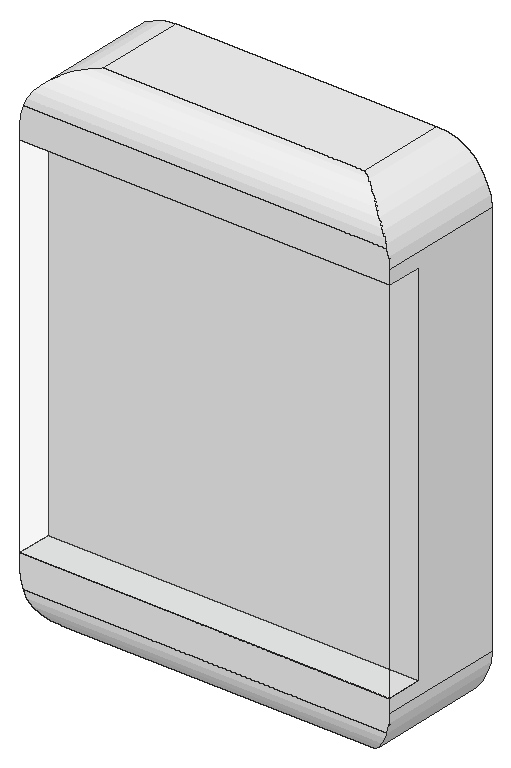
Revit family "НЕВАТОМ_Щит приточно-вытяжной вентиляции  ABU-PW-1-Z, Версия 1", category Электрооборудование, Revit 2017
Family settings
  Конфигурация панели = Два столбца, слева направо
  Размер круглого соединителя = Использовать диаметр
  Тип детали = Щит
  На основе рабочей плоскости = Нет
  Всегда вертикально = Да
  При загрузке вырезать с полостями = Нет
  Общий = Нет
  Точка расчета площади = Нет
Parameters (values of type "ABU-РW-1-ZM-0,75/0,75")
  Voltage = ""
  НЕВАТОМ_Преобразователь частоты Danfoss, кВт = "ND-051 0,75 кВт для 3 фазы"
  НЕВАТОМ_Ориентировочная мощность двигателя = 0.75 kW
  НЕВАТОМ_Номинальный ток двигателя = 2.5 A
  built-in parameter 1140083 [instance] = "Пластик"  # constant formula
  ADSK_Размер_Ширина = 140 mm
  ADSK_Размер_Длина = 410 mm
  ADSK_Размер_Высота = 560 mm
  ADSK_Примечание = ""
  ADSK_Позиция = ""
  ADSK_Напряжение = 380 V
  ADSK_Наименование = "ABU-РW-1-ZM-0,75/0,75"
  ADSK_Марка = ADSK_Наименование  # "ABU-РW-1-ZM-0,75/0,75"
  ADSK_Количество = 1  # constant formula
  ADSK_Код изделия = ""
  ADSK_Завод-изготовитель = "НЕВАТОМ"  # constant formula
  ADSK_Единица измерения = "шт."  # constant formula
  ADSK_URL документации изделия = ""
Types (11, lengths in mm): name | НЕВАТОМ_Преобразователь частоты Danfoss, кВт | НЕВАТОМ_Ориентировочная мощность двигателя | НЕВАТОМ_Номинальный ток двигателя | ADSK_Размер_Ширина | ADSK_Размер_Длина | ADSK_Размер_Высота | ADSK_Наименование | ADSK_Марка
  (no name) | "ND-051 0,75 кВт для 3 фазы" | 0.75 kW | 2.5 A | 140 | 410 | 560 | "ABU-РW-1-ZM-0,75/0,75" | "ABU-РW-1-ZM-0,75/0,75"
  ABU-РW-1-ZM-0,35/0,35 | "ND-051 0,37 кВт для 3 фазы" | 0.37 kW | 1.6 A | 140 | 410 | 560 | "ABU-РW-1-ZM-0,35/0,35" | "ABU-РW-1-ZM-0,35/0,35"
  ABU-РW-1-ZM-0,75/0,75 | "ND-051 0,75 кВт для 3 фазы" | 0.75 kW | 2.5 A | 140 | 410 | 560 | "ABU-РW-1-ZM-0,75/0,75" | "ABU-РW-1-ZM-0,75/0,75"
  ABU-РW-1-ZM-1,5/1,5 | "ND-051 1,5 кВт для 3 фазы" | 1.5 kW | 4 A | 140 | 410 | 560 | "ABU-РW-1-ZM-1,5/1,5" | "ABU-РW-1-ZM-1,5/1,5"
  ABU-РW-1-ZM-2,2/2,2 | "ND-051 2,2 кВт для 3 фазы" | 2.2 kW | 6 A | 140 | 410 | 560 | "ABU-РW-1-ZM-2,2/2,2" | "ABU-РW-1-ZM-2,2/2,2"
  ABU-РW-1-ZM-3,0/3,0 | "ND-051 3,0 кВт для 3 фазы" | 3 kW | 10 A | 140 | 410 | 560 | "ABU-РW-1-ZM-3,0/3,0" | "ABU-РW-1-ZM-3,0/3,0"
  ABU-РW-1-ZM-4,0/4,0 | "ND-051 4,0 кВт для 3 фазы" | 4 kW | 10 A | 140 | 410 | 560 | "ABU-РW-1-ZM-4,0/4,0" | "ABU-РW-1-ZM-4,0/4,0"
  ABU-РW-1-ZM-5,5/5,5 | "ND-051 5,5 кВт для 3 фазы" | 0 kW | 0 A | 140 | 410 | 560 | "ABU-РW-1-ZM-5,5/5,5" | "ABU-РW-1-ZM-5,5/5,5"
  ABU-РW-1-ZM-7,5/7,5 | "ND-051 7,5 кВт для 3 фазы" | 7.5 kW | 18 A | 140 | 410 | 560 | "ABU-РW-1-ZM-7,5/7,5" | "ABU-РW-1-ZM-7,5/7,5"
  ABUm-РW-1-ZM-11/11² | "ND-051 11 кВт для 3 фазы" | 11 kW | 24 A | 200 | 610 | 800 | "ABUm-РW-1-ZM-11/11²" | "ABUm-РW-1-ZM-11/11²"
  ABUm-РW-1-ZM-15/15² | "ND-051 15 кВт для 3 фазы" | 15 kW | 32 A | 200 | 610 | 800 | "ABUm-РW-1-ZM-15/15²" | "ABUm-РW-1-ZM-15/15²"
Reference planes
  plane 1 "По центру (Вперед/Назад)": y = 0
  plane 2: z = 0
  plane 3 "По центру (Влево/Вправо)": x = 0
  plane 4: y = 70
  plane 5: y = -70
  plane 6: x = -205
  plane 7: x = 205
  plane 8: z = 560
  plane 9: y = -30
Forms (mm)
  Extrusion 1, solid, material "Условный материал-отделка"
    sketch origin (0, 0, 0) x (1, 0, 0) y (0, 1, 0)
      loop
        line (-205, 70) -> (-205, -30) -> (205, -30) -> (205, 70) -> (-205, 70)
    from 0 to 560
  Extrusion 2, solid, material "Условный материал-отделка"
    sketch origin (0, 0, 0) x (0, 1, 0) y (0, 0, 1)
      loop
        arc (-30, 560) -> (-58.284, 548.284) -> (-70, 520) r 40
        line (-70, 520) -> (-70, 485) -> (-30, 485) -> (-30, 560)
      loop
        line (-30, 0) -> (-30, 75) -> (-70, 75) -> (-70, 40)
        arc (-70, 40) -> (-58.284, 11.716) -> (-30, 0) r 40
    from -205 to 205
  Extrusion 3, void
    sketch origin (0, 0, 0) x (1, 0, 0) y (0, 0, 1)
      loop
        line (-205, 560) -> (-205, 500)
        arc (-205, 500) -> (-187.426, 542.426) -> (-145, 560) r 60
        line (-145, 560) -> (-205, 560)
    from -70 to 70
  Extrusion 4, void
    sketch origin (0, 0, 0) x (-1, 0, 0) y (0, 0, -1)
      loop
        line (-205, -560) -> (-145, -560)
        arc (-145, -560) -> (-187.426, -542.426) -> (-205, -500) r 60
        line (-205, -500) -> (-205, -560)
    from -70 to 70
  Extrusion 5, void
    sketch origin (0, 0, 610) x (-1, 0, 0) y (0, 0, -1)
      loop
        line (-205, 610) -> (-205, 550)
        arc (-205, 550) -> (-187.426, 592.426) -> (-145, 610) r 60
        line (-145, 610) -> (-205, 610)
    from -70 to 70
  Extrusion 6, void
    sketch origin (0, 0, 610) x (1, 0, 0) y (0, 0, 1)
      loop
        line (-205, -610) -> (-145, -610)
        arc (-145, -610) -> (-187.426, -592.426) -> (-205, -550) r 60
        line (-205, -550) -> (-205, -610)
    from -70 to 70
  Extrusion 7, solid, material "Стекло"
    sketch origin (0, 0, 0) x (1, 0, 0) y (0, 0, 1)
      loop
        line (-205, 485) -> (-205, 75) -> (205, 75) -> (205, 485) -> (-205, 485)
    from 30 to 70
  Extrusion 8, solid
    sketch origin (-495, 0, 0) x (1, 0, 0) y (0, 1, 0)
      loop
        line (351.585, 30) -> (351.585, -30) -> (639.424, -30) -> (639.424, 30) -> (351.585, 30)
    from 0 to 2
Cuts and joins
  Extrusion 3, Extrusion 4, Extrusion 5, Extrusion 6 cuts Extrusion 1
  Extrusion 3, Extrusion 4, Extrusion 5, Extrusion 6 cuts Extrusion 2
  joined: Extrusion 1, Extrusion 2
Dimensions and locks
  equal spacing: plane 6, plane 3 "По центру (Влево/Вправо)", plane 7
  equal spacing: plane 4, plane 1 "По центру (Вперед/Назад)", plane 5
  "ADSK_Размер_Ширина": plane 4 to plane 5
  "ADSK_Размер_Длина": plane 6 to plane 7
  "ADSK_Размер_Высота": plane 8 to level
  plane 9 to plane 5 = 40 mm
  aligned and locked: level to plane 2
  aligned and locked: Extrusion 1 sketch curve to plane 4
  aligned and locked: plane 7 to Extrusion 1 sketch curve
  aligned and locked: Extrusion 1 sketch curve to plane 6
  aligned and locked: plane 9 to Extrusion 1
  aligned and locked: Extrusion 2 to plane 7
  aligned and locked: plane 6 to Extrusion 2
  aligned and locked: plane 4 to Extrusion 3
  aligned and locked: Extrusion 3 to plane 5
  aligned and locked: Extrusion 7 to plane 9
  aligned and locked: Extrusion 7 to plane 5
  aligned and locked: Extrusion 1 to plane 8
  aligned and locked: Extrusion 6 to plane 5
  aligned and locked: plane 4 to Extrusion 6
  aligned and locked: Extrusion 5 to plane 5
  aligned and locked: plane 4 to Extrusion 5
  aligned and locked: Extrusion 4 to plane 5
  aligned and locked: plane 4 to Extrusion 4
Automatic sketch dimensions
  plane 9 to Extrusion 1 sketch curve = 0 mm
  Extrusion 2 sketch curve to plane 5 = 0 mm  (x2)
  Extrusion 2 sketch curve to level = 0 mm
  Extrusion 2 sketch curve to plane 9 = 0 mm  (x2)
  plane 8 to Extrusion 2 sketch curve = 0 mm
  Extrusion 2 sketch curve to Extrusion 2 sketch curve = 35 mm  (x2)
  plane 6 to Extrusion 3 sketch curve = 0 mm
  Extrusion 3 sketch curve to plane 8 = 0 mm
  Extrusion 3 sketch curve to plane 6 = 60 mm
  Extrusion 3 sketch curve to Extrusion 3 sketch curve = 0 mm
  plane 7 to Extrusion 4 sketch curve = 0 mm
  Extrusion 4 sketch curve to plane 8 = 0 mm
  Extrusion 4 sketch curve to plane 7 = 60 mm
  Extrusion 4 sketch curve to Extrusion 4 sketch curve = 0 mm
  plane 7 to Extrusion 5 sketch curve = 0 mm
  Extrusion 5 sketch curve to level = 0 mm
  level to Extrusion 5 sketch curve = 60 mm
  Extrusion 5 sketch curve to Extrusion 5 sketch curve = 0 mm
  plane 6 to Extrusion 6 sketch curve = 0 mm
  Extrusion 6 sketch curve to level = 0 mm
  Extrusion 6 sketch curve to level = 60 mm
  Extrusion 6 sketch curve to Extrusion 6 sketch curve = 0 mm
  plane 6 to Extrusion 7 sketch curve = 0 mm
  plane 7 to Extrusion 7 sketch curve = 0 mm
  level to Extrusion 7 sketch curve = 75 mm
  plane 8 to Extrusion 7 sketch curve = 75 mm
  plane 5 to Extrusion 8 sketch curve = 40 mm
  Extrusion 8 sketch curve to plane 4 = 40 mm
  Extrusion 8 sketch curve to plane 6 = 61.585 mm
  plane 7 to Extrusion 8 sketch curve = 60.576 mm
Connectors
  electrical at (0.504, 0, 2), driven by "ADSK_Напряжение"
    settings: on Extrusion 8, index 1, voltage 380 V, apparent load 0 VA, apparent load phase1 0 VA, apparent load phase2 0 VA, apparent load phase3 0 VA, power factor 1, load classification "Прочее", number of poles 1, system type 31, power factor state 1, is connector primary yes, connector utility no, sub classification motor no, connector description ""
